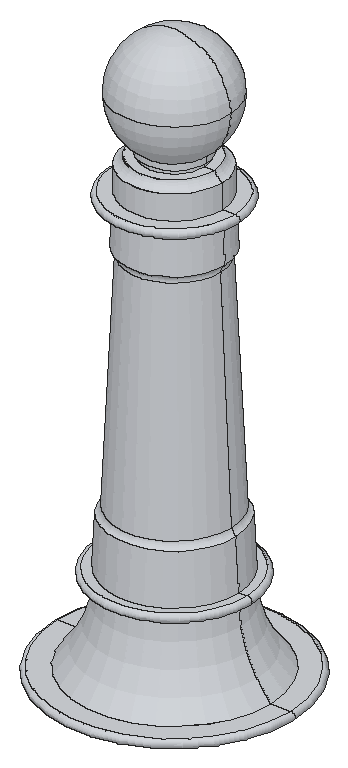
Revit family
Parameters (values of type "SBS 002.5")
  Width = 1' - 8"
  URL = "www.strombergarchitectural.com"
  Top Material = GFRC
  Submittal Sheet = "www.strombergarchitectural.com/images/materials/gfrc/submittal/gfrc-submittal-sheet.pdf"
  Specifications = "www.strombergarchitectural.com/gfrcspecifications"
  Model Cut-sheet = "www.strombergarchitectural.com/products/bollards/design/SBS-002"
  Model = "SBS 002"
  Manufacturer = "Stromberg Architectural Products"
  Guidebook = "www.strombergarchitectural.com/images/materials/gfrc/handbooks/gfrc_guidebook.pdf"
  Frame Material = none
  Description = "GFRC Bollard"
  Assembly Code = ""
  Height = 4' - 0"
  XXX.5 = yes
  XXX.4 = no
  XXX.3 = no
  XXX.2 = no
  XXX.1 = no
Types (6): name | Width | Guidebook | Height | XXX.5 | XXX.4 | XXX.3 | XXX.2 | XXX.1
  (no name) | 1' - 8" | "www.strombergarchitectural.com/images/materials/gfrc/handbooks/gfrc_guidebook.pdf" | 4' - 0" | yes | no | no | no | no
  SBS 002.3 | 1' - 3" | "www.strombergarchitectural.com/images/materials/gfrc/handbooks/gfrc_guidebook.pdf" | 3' - 0" | no | no | yes | no | no
  SBS 002.1 | 0' - 10" | "www.strombergarchitectural.com/images/materials/gfrc/handbooks/gfrc_guidebook.pdf   \r\n(http://www.strombergarchitectural.com/images/materials/gfrc/handbooks/gfrc_guidebook.pdf" | 2' - 0" | no | no | no | no | yes
  SBS 002.2 | 1' - 1" | "www.strombergarchitectural.com/images/materials/gfrc/handbooks/gfrc_guidebook.pdf" | 2' - 6" | no | no | no | yes | no
  SBS 002.4 | 1' - 6" | "www.strombergarchitectural.com/images/materials/gfrc/handbooks/gfrc_guidebook.pdf" | 3' - 6" | no | yes | no | no | no
  SBS 002.5 | 1' - 8" | "www.strombergarchitectural.com/images/materials/gfrc/handbooks/gfrc_guidebook.pdf" | 4' - 0" | yes | no | no | no | no
Reference planes (in)
  plane 1 "Center (Front/Back)": y = 3.74847
  plane 2: z = 0
  plane 3 "Center (Left/Right)": x = 0.7278
  plane 4 "Front": y = -3.25153
  plane 5 "Back": y = 10.74847
Forms (in)
  Revolve 1, solid, visible <- "XXX.1"
    sketch origin (0, 3.74847, 0) x (1, 0, 0) y (0, 0, 1)
      loop
        arc (0.7278, 23.99994) -> (-0.92211, 23.31652) -> (-1.60553, 21.66661) r 2.33333
        arc (-1.60553, 21.66661) -> (-1.34047, 20.58649) -> (-0.60553, 19.75176) r 2.33333
        line (-0.60553, 19.75176) -> (-0.60553, 19.49995) -> (-0.5222, 19.49995) -> (-0.5222, 19.33328) -> (-0.93886, 19.33328)
        arc (-0.93886, 19.33328) -> (-1.06345, 19.12454) -> (-1.27219, 18.99995) r 0.49657
        line (-1.27219, 18.99995) -> (-1.27219, 17.99995) -> (-1.80553, 17.99995)
        arc (-1.80553, 17.99995) -> (-1.97219, 17.83329) -> (-1.80553, 17.66662) r 0.16667
        line (-1.80553, 17.66662) -> (-1.27219, 17.66662) -> (-1.35608, 15.94696)
        arc (-1.35608, 15.94696) -> (-1.24002, 15.81913) -> (-1.20348, 15.65039) r 0.33333
        line (-1.20348, 15.65039) -> (-1.65912, 6.30988)
        arc (-1.65912, 6.30988) -> (-1.71191, 6.14549) -> (-1.83986, 6.02956) r 0.33333
        line (-1.83986, 6.02956) -> (-1.93973, 3.98215) -> (-2.30553, 3.99999)
        arc (-2.30553, 3.99999) -> (-2.47219, 3.83332) -> (-2.30553, 3.66666) r 0.16667
        line (-2.30553, 3.66666) -> (-1.93886, 3.66666)
        arc (-1.93886, 3.66666) -> (-2.27435, 1.86752) -> (-3.27219, 0.33333) r 4.69518
        line (-3.27219, 0.33333) -> (-4.10552, 0.33333)
        arc (-4.10552, 0.33333) -> (-4.27219, 0.16667) -> (-4.10552, 0) r 0.16667
        line (-4.10552, 0) -> (0.7278, 0) -> (0.7278, 23.99994)
      axis (0.7278, 23.99994) -> (0.7278, 0)
    angle from 0 to 360
  Revolve 2, solid, visible <- "XXX.2"
    sketch origin (0, 3.74847, 0) x (1, 0, 0) y (0, 0, 1)
      loop
        arc (0.7278, 29.99998) -> (-1.33459, 29.14571) -> (-2.18886, 27.08332) r 2.91667
        arc (-2.18886, 27.08332) -> (-1.85755, 25.73317) -> (-0.93887, 24.68975) r 2.91667
        line (-0.93887, 24.68975) -> (-0.93887, 24.37499) -> (-0.8347, 24.37499) -> (-0.8347, 24.16665) -> (-1.35553, 24.16665)
        arc (-1.35553, 24.16665) -> (-1.51127, 23.90573) -> (-1.7722, 23.74999) r 0.62072
        line (-1.7722, 23.74999) -> (-1.7722, 22.49999) -> (-2.43886, 22.49999)
        arc (-2.43886, 22.49999) -> (-2.6472, 22.29166) -> (-2.43886, 22.08332) r 0.20833
        line (-2.43886, 22.08332) -> (-1.7722, 22.08332) -> (-1.87706, 19.93374)
        arc (-1.87706, 19.93374) -> (-1.73198, 19.77395) -> (-1.68631, 19.56302) r 0.41667
        line (-1.68631, 19.56302) -> (-2.25586, 7.88736)
        arc (-2.25586, 7.88736) -> (-2.32184, 7.68188) -> (-2.48178, 7.53697) r 0.41667
        line (-2.48178, 7.53697) -> (-2.60662, 4.97769) -> (-3.06386, 5)
        arc (-3.06386, 5) -> (-3.2722, 4.79166) -> (-3.06386, 4.58333) r 0.20833
        line (-3.06386, 4.58333) -> (-2.60553, 4.58333)
        arc (-2.60553, 4.58333) -> (-3.02489, 2.33441) -> (-4.2722, 0.41667) r 5.86899
        line (-4.2722, 0.41667) -> (-5.31386, 0.41667)
        arc (-5.31386, 0.41667) -> (-5.5222, 0.20833) -> (-5.31386, 0) r 0.20833
        line (-5.31386, 0) -> (0.7278, 0) -> (0.7278, 29.99998)
      axis (0.7278, 29.99998) -> (0.7278, 0)
    angle from 0 to 360
  Revolve 3, solid, visible <- "XXX.3"
    sketch origin (0, 3.74847, 0) x (1, 0, 0) y (0, 0, 1)
      loop
        arc (0.7278, 36) -> (-1.74707, 34.97487) -> (-2.7722, 32.5) r 3.5
        arc (-2.7722, 32.5) -> (-2.37462, 30.87981) -> (-1.2722, 29.62772) r 3.5
        line (-1.2722, 29.62772) -> (-1.2722, 29.25) -> (-1.1472, 29.25) -> (-1.1472, 29) -> (-1.7722, 29)
        arc (-1.7722, 29) -> (-1.95909, 28.68689) -> (-2.2722, 28.5) r 0.74486
        line (-2.2722, 28.5) -> (-2.2722, 27) -> (-3.0722, 27)
        arc (-3.0722, 27) -> (-3.3222, 26.75) -> (-3.0722, 26.5) r 0.25
        line (-3.0722, 26.5) -> (-2.2722, 26.5) -> (-2.39803, 23.9205)
        arc (-2.39803, 23.9205) -> (-2.22394, 23.72876) -> (-2.16913, 23.47564) r 0.5
        line (-2.16913, 23.47564) -> (-2.85259, 9.46484)
        arc (-2.85259, 9.46484) -> (-2.93177, 9.21825) -> (-3.12369, 9.04436) r 0.5
        line (-3.12369, 9.04436) -> (-3.27351, 5.97323) -> (-3.8222, 6)
        arc (-3.8222, 6) -> (-4.0722, 5.75) -> (-3.8222, 5.5) r 0.25
        line (-3.8222, 5.5) -> (-3.2722, 5.5)
        arc (-3.2722, 5.5) -> (-3.77543, 2.80129) -> (-5.2722, 0.5) r 7.04279
        line (-5.2722, 0.5) -> (-6.5222, 0.5)
        arc (-6.5222, 0.5) -> (-6.7722, 0.25) -> (-6.5222, 0) r 0.25
        line (-6.5222, 0) -> (0.7278, 0) -> (0.7278, 36)
      axis (0.7278, 36) -> (0.7278, 0)
    angle from 0 to 360
  Revolve 4, solid, visible <- "XXX.4"
    sketch origin (0, 3.74847, 0) x (1, 0, 0) y (0, 0, 1)
      loop
        arc (0.7278, 41.99923) -> (-2.1595, 40.80328) -> (-3.35546, 37.91598) r 4.08326
        arc (-3.35546, 37.91598) -> (-2.89162, 36.02579) -> (-1.60549, 34.56504) r 4.08326
        line (-1.60549, 34.56504) -> (-1.60549, 34.12438) -> (-1.45966, 34.12438) -> (-1.45966, 33.83272) -> (-2.18881, 33.83272)
        arc (-2.18881, 33.83272) -> (-2.40684, 33.46742) -> (-2.77214, 33.24939) r 0.86899
        line (-2.77214, 33.24939) -> (-2.77214, 31.49943) -> (-3.70545, 31.49943)
        arc (-3.70545, 31.49943) -> (-3.99711, 31.20776) -> (-3.70545, 30.9161) r 0.29166
        line (-3.70545, 30.9161) -> (-2.77214, 30.9161) -> (-2.91893, 27.90675)
        arc (-2.91893, 27.90675) -> (-2.71583, 27.68305) -> (-2.6519, 27.38775) r 0.58332
        line (-2.6519, 27.38775) -> (-3.44924, 11.04211)
        arc (-3.44924, 11.04211) -> (-3.54162, 10.75443) -> (-3.76553, 10.55157) r 0.58332
        line (-3.76553, 10.55157) -> (-3.9403, 6.96865) -> (-4.58044, 6.99987)
        arc (-4.58044, 6.99987) -> (-4.8721, 6.70821) -> (-4.58044, 6.41655) r 0.29166
        line (-4.58044, 6.41655) -> (-3.93878, 6.41655)
        arc (-3.93878, 6.41655) -> (-4.52588, 3.26812) -> (-6.27207, 0.58332) r 8.21644
        line (-6.27207, 0.58332) -> (-7.73038, 0.58332)
        arc (-7.73038, 0.58332) -> (-8.02204, 0.29166) -> (-7.73038, 0) r 0.29166
        line (-7.73038, 0) -> (0.7278, 0) -> (0.7278, 41.99923)
      axis (0.7278, 41.99923) -> (0.7278, 0)
    angle from 0 to 360
  Revolve 5, solid, visible <- "XXX.5"
    sketch origin (0, 3.74847, 0) x (1, 0, 0) y (0, 0, 1)
      loop
        arc (0.7278, 47.99859) -> (-2.57193, 46.63179) -> (-3.93873, 43.33206) r 4.66653
        arc (-3.93873, 43.33206) -> (-3.40864, 41.17188) -> (-1.93879, 39.50246) r 4.66653
        line (-1.93879, 39.50246) -> (-1.93879, 38.99885) -> (-1.77213, 38.99885) -> (-1.77213, 38.66553) -> (-2.60543, 38.66553)
        arc (-2.60543, 38.66553) -> (-2.85461, 38.24806) -> (-3.27208, 37.99888) r 0.99312
        line (-3.27208, 37.99888) -> (-3.27208, 35.99894) -> (-4.33872, 35.99894)
        arc (-4.33872, 35.99894) -> (-4.67204, 35.66562) -> (-4.33872, 35.33229) r 0.33332
        line (-4.33872, 35.33229) -> (-3.27208, 35.33229) -> (-3.43985, 31.89307)
        arc (-3.43985, 31.89307) -> (-3.20774, 31.63741) -> (-3.13467, 31.29993) r 0.66665
        line (-3.13467, 31.29993) -> (-4.04591, 12.61941)
        arc (-4.04591, 12.61941) -> (-4.15148, 12.29065) -> (-4.40737, 12.0588) r 0.66665
        line (-4.40737, 12.0588) -> (-4.60712, 7.96408) -> (-5.33869, 7.99976)
        arc (-5.33869, 7.99976) -> (-5.67201, 7.66644) -> (-5.33869, 7.33312) r 0.33332
        line (-5.33869, 7.33312) -> (-4.60538, 7.33312)
        arc (-4.60538, 7.33312) -> (-5.27633, 3.73495) -> (-7.27196, 0.66665) r 9.39011
        line (-7.27196, 0.66665) -> (-8.93858, 0.66665)
        arc (-8.93858, 0.66665) -> (-9.27191, 0.33332) -> (-8.93858, 0) r 0.33332
        line (-8.93858, 0) -> (0.7278, 0) -> (0.7278, 47.99859)
      axis (0.7278, 47.99859) -> (0.7278, 0)
    angle from 0 to 360
Dimensions and locks (in)
  aligned and locked: level to plane 2
